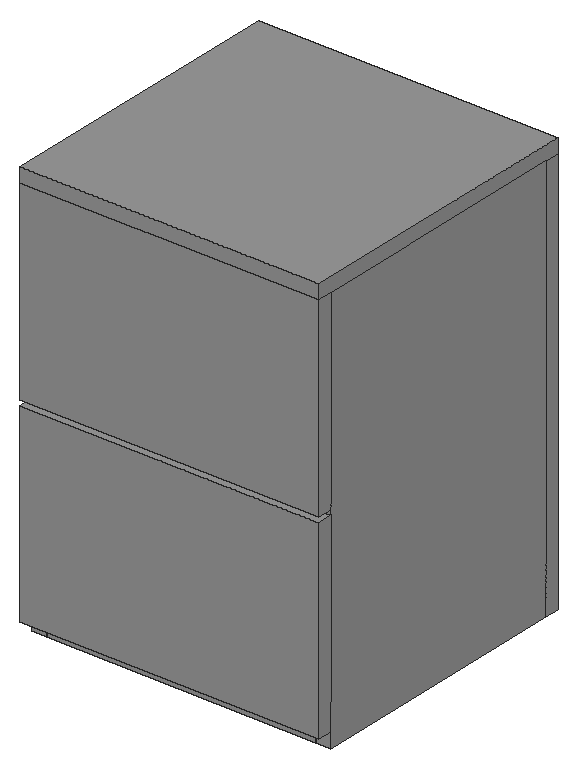
Revit family "MBS_closet with drawer", category Generic Models, Revit 2014
Parameters (values of type "kitchen closet cookers")
  top thickness = 30 mm
  top material = Roofing, EPDM Membrane COOKERS MBS
  panel thickness = 30 mm
  closet material = Walnut CLOSET KICTHEN MBS
  c_top widht = 600 mm
  c_top depht = 600 mm
  c_drawer side widht = c_clos bas pan depht  # 540 mm
  c_drawer front widht = c_clos bas pan widht + 2 * panel thickness  # 600 mm
  c_drawer front height = 390 mm
  c_draw side height = 360 mm
  c_draw bott widht = c_clos bas pan widht - 2 * panel thickness  # 480 mm
  c_darw bott depht = c_clos bas pan depht  # 540 mm
  c_clos side panel depht = c_clos bas pan depht  # 540 mm
  c_clos side pan height = 820 mm
  c_clos bas pan widht = 540 mm
  c_clos bas pan depht = 540 mm
  c_clos back pan widht = c_clos bas pan widht + 2 * panel thickness  # 600 mm
  c_clos back pan height = c_clos side pan height  # 820 mm
Types (5, lengths in mm): name | top thickness | top material | closet material | c_top widht | c_top depht | c_drawer side widht | c_drawer front widht | c_draw bott widht | c_darw bott depht | c_clos side panel depht | c_clos bas pan widht | c_clos bas pan depht | c_clos back pan widht
  (no name) | 30 | Roofing, EPDM Membrane COOKERS MBS | Walnut CLOSET KICTHEN MBS | 600 | 600 | 540 | 600 | 480 | 540 | 540 | 540 | 540 | 600
  bathroom closet | 50 | Granite, Cut, Polished CLOSET TOP MBS | Oak, White BATHROOM CLOSET MBS | 700 | 550 | 490 | 700 | 580 | 490 | 490 | 640 | 490 | 700
  kitchen closet | 30 | Granite, Cut, Polished CLOSET TOP MBS | Walnut CLOSET KICTHEN MBS | 600 | 600 | 540 | 600 | 480 | 540 | 540 | 540 | 540 | 600
  kichen closet for stool | 30 | Granite, Cut, Polished CLOSET TOP MBS | Walnut CLOSET KICTHEN MBS | 600 | 900 | 540 | 600 | 480 | 540 | 540 | 540 | 540 | 600
  kitchen closet cookers | 30 | Roofing, EPDM Membrane COOKERS MBS | Walnut CLOSET KICTHEN MBS | 600 | 600 | 540 | 600 | 480 | 540 | 540 | 540 | 540 | 600
Reference planes
  plane 1 "Center (Front/Back)": y = 0
  plane 2: z = 0
  plane 3 "Center (Left/Right)": x = 0
  plane 4: y = 372.203
  plane 5: x = 297.839
  plane 6: y = -167.797
  plane 7: x = -242.161
  plane 8: x = -342.161
  plane 9: y = 372.203
  plane 10: y = -167.797
  plane 11: z = 0
  plane 12: z = 820
  plane 13: x = 297.839
  plane 14: x = 297.839
  plane 15: x = 297.839
  plane 16: x = 297.839
  plane 17: x = 297.839
  plane 18: x = 297.839
  plane 19: z = 0
  plane 20: y = 372.203
  plane 21: y = -167.797
  plane 22: z = 820
  plane 23: x = 297.839
  plane 24: x = 297.839
  plane 25: z = 790
  plane 26: y = 372.203
  plane 27: y = -167.797
  plane 28: x = 297.839
  plane 29: x = -242.161
  plane 30: y = 372.203
  plane 31: z = 0
  plane 32: z = 820
  plane 33: x = 327.839
  plane 34: x = -272.161
  plane 35: z = 30
  plane 36: y = 372.203
  plane 37: y = -167.797
  plane 38: z = 390
  plane 39: z = 430
  plane 40: y = 372.203
  plane 41: y = -167.797
  plane 42: z = 790
  plane 43: z = 30
  plane 44: y = 372.203
  plane 45: y = -167.797
  plane 46: z = 390
  plane 47: z = 430
  plane 48: y = 372.203
  plane 49: y = -167.797
  plane 50: z = 790
  plane 51: y = -117.797
  plane 52: z = 820
  plane 53: x = 327.839
  plane 54: z = 430
  plane 55: x = -272.161
  plane 56: z = 420
  plane 57: x = 327.839
  plane 58: z = 30
  plane 59: x = -272.161
  plane 60: z = 30
  plane 61: z = 430
  plane 62: y = 372.203
  plane 63: y = -167.797
  plane 64: x = 267.839
  plane 65: x = -212.161
  plane 66: z = 431.881
  plane 67: y = 372.203
  plane 68: y = -167.797
  plane 69: x = 267.839
  plane 70: x = -212.161
  plane 71: z = 820
  plane 72: y = 402.203
  plane 73: y = -197.797
  plane 74: x = 327.839
  plane 75: x = -272.161
Forms (mm)
  Extrusion 1, solid, material "Walnut CLOSET KICTHEN MBS" <- "closet material"
    sketch origin (0, 0, 0) x (1, 0, 0) y (0, 1, 0)
      loop
        line (-242.161, 372.203) -> (-242.161, -167.797) -> (297.839, -167.797) -> (297.839, 372.203) -> (-242.161, 372.203)
    from 0 to 30
  Extrusion 2, solid, material "Walnut CLOSET KICTHEN MBS" <- "closet material"
    sketch origin (-342.161, 1632.235, 732.603) x (0, 0, 1) y (0, 1, 0)
      loop
        line (-732.603, -1260.032) -> (-732.603, -1800.032) -> (87.397, -1800.032) -> (87.397, -1260.032) -> (-732.603, -1260.032)
    from -100 to -70
  Extrusion 3, solid, material "Walnut CLOSET KICTHEN MBS" <- "closet material"
    sketch origin (297.839, 1758.237, -180.672) x (0, 0, -1) y (0, 1, 0)
      loop
        line (-1000.672, -1386.034) -> (-1000.672, -1926.034) -> (-180.672, -1926.034) -> (-180.672, -1386.034) -> (-1000.672, -1386.034)
    from 0 to 30
  Extrusion 4, solid, material "Walnut CLOSET KICTHEN MBS" <- "closet material"
    sketch origin (151.285, 1715.895, 790) x (1, 0, 0) y (0, 1, 0)
      loop
        line (146.554, -1883.692) -> (146.554, -1343.692) -> (-393.446, -1343.692) -> (-393.446, -1883.692) -> (146.554, -1883.692)
    from 0 to 30
  Extrusion 5, solid, material "Walnut CLOSET KICTHEN MBS" <- "closet material"
    sketch origin (30, 372.203, -485.587) x (0, 0, -1) y (-1, 0, 0)
      loop
        line (-1305.587, -297.839) -> (-485.587, -297.839) -> (-485.587, 302.161) -> (-1305.587, 302.161) -> (-1305.587, -297.839)
    from 0 to 30
  Extrusion 6, solid, material "Walnut CLOSET KICTHEN MBS" <- "closet material"
    sketch origin (297.839, -87.929, -503.029) x (0, 0, -1) y (0, -1, 0)
      loop
        line (-893.029, -460.132) -> (-533.029, -460.132) -> (-533.029, 79.868) -> (-893.029, 79.868) -> (-893.029, -460.132)
    from 0 to 30
  Extrusion 7, solid, material "Walnut CLOSET KICTHEN MBS" <- "closet material"
    sketch origin (297.839, -87.929, -103.029) x (0, 0, -1) y (0, -1, 0)
      loop
        line (-893.029, -460.132) -> (-533.029, -460.132) -> (-533.029, 79.868) -> (-893.029, 79.868) -> (-893.029, -460.132)
    from 0 to 30
  Extrusion 8, solid, material "Walnut CLOSET KICTHEN MBS" <- "closet material"
    sketch origin (-342.161, -87.929, -503.029) x (0, 0, -1) y (0, 1, 0)
      loop
        line (-893.029, 460.132) -> (-893.029, -79.868) -> (-533.029, -79.868) -> (-533.029, 460.132) -> (-893.029, 460.132)
    from 100 to 130
  Extrusion 9, solid, material "Walnut CLOSET KICTHEN MBS" <- "closet material"
    sketch origin (-342.161, -87.929, -103.029) x (0, 0, -1) y (0, 1, 0)
      loop
        line (-893.029, 460.132) -> (-893.029, -79.868) -> (-533.029, -79.868) -> (-533.029, 460.132) -> (-893.029, 460.132)
    from 100 to 130
  Extrusion 10, solid, material "Walnut CLOSET KICTHEN MBS" <- "closet material"
    sketch origin (-605.851, -117.797, 690.299) x (0, 0, 1) y (-1, 0, 0)
      loop
        line (-260.299, -933.69) -> (129.701, -933.69) -> (129.701, -333.69) -> (-260.299, -333.69) -> (-260.299, -933.69)
    from 50 to 80
  Extrusion 11, solid, material "Walnut CLOSET KICTHEN MBS" <- "closet material"
    sketch origin (-605.851, -117.797, 290.299) x (0, 0, 1) y (-1, 0, 0)
      loop
        line (-260.299, -933.69) -> (129.701, -933.69) -> (129.701, -333.69) -> (-260.299, -333.69) -> (-260.299, -933.69)
    from 50 to 80
  Extrusion 12, solid, material "Walnut CLOSET KICTHEN MBS" <- "closet material"
    sketch origin (-492.738, 2031.941, 30) x (-1, 0, 0) y (0, -1, 0)
      loop
        line (-760.577, 2199.738) -> (-760.577, 1659.738) -> (-280.577, 1659.738) -> (-280.577, 2199.738) -> (-760.577, 2199.738)
    from 0 to 30
  Extrusion 13, solid, material "Walnut CLOSET KICTHEN MBS" <- "closet material"
    sketch origin (-492.738, 2031.941, 431.881) x (-1, 0, 0) y (0, -1, 0)
      loop
        line (-760.577, 2199.738) -> (-760.577, 1659.738) -> (-280.577, 1659.738) -> (-280.577, 2199.738) -> (-760.577, 2199.738)
    from 0 to 30
  Extrusion 14, solid, material "Roofing, EPDM Membrane COOKERS MBS" <- "top material"
    sketch origin (-331.225, 1603.244, 820) x (1, 0, 0) y (0, 1, 0)
      loop
        line (59.064, -1801.04) -> (659.064, -1801.04) -> (659.064, -1201.04) -> (59.064, -1201.04) -> (59.064, -1801.04)
    from 0 to 30
Dimensions and locks
  "c_clos bas pan widht": plane 7 to plane 5
  "c_clos bas pan depht": plane 6 to plane 4
  "c_clos side panel depht": plane 9 to plane 10
  "c_clos side pan height": plane 11 to plane 12
  "c_clos side pan height": plane 22 to plane 19
  "c_clos side panel depht": plane 20 to plane 21
  "c_clos bas pan depht": plane 26 to plane 27
  "c_clos bas pan widht": plane 28 to plane 29
  "c_clos back pan height": plane 31 to plane 32
  "c_clos back pan widht": plane 33 to plane 34
  "panel thickness": Extrusion 2 to Extrusion 2
  "panel thickness": Extrusion 4 to Extrusion 4
  "panel thickness": Extrusion 3 to Extrusion 3
  "panel thickness": Extrusion 1 to Extrusion 1
  "panel thickness": Extrusion 5 to Extrusion 5
  "c_draw side height": plane 35 to plane 38
  "c_drawer side widht": plane 37 to plane 36
  "panel thickness": Extrusion 6 to Extrusion 6
  "c_draw side height": plane 39 to plane 42
  "c_drawer side widht": plane 41 to plane 40
  "panel thickness": Extrusion 7 to Extrusion 7
  "c_draw side height": plane 43 to plane 46
  "c_drawer side widht": plane 45 to plane 44
  "panel thickness": Extrusion 8 to Extrusion 8
  "c_draw side height": plane 47 to plane 50
  "c_drawer side widht": plane 49 to plane 48
  "panel thickness": Extrusion 9 to Extrusion 9
  "c_drawer front widht": plane 55 to plane 53
  "c_drawer front height": plane 54 to plane 52
  "panel thickness": Extrusion 10 to Extrusion 10
  "c_drawer front widht": plane 59 to plane 57
  "c_drawer front height": plane 58 to plane 56
  "panel thickness": Extrusion 11 to Extrusion 11
  "c_draw bott widht": plane 64 to plane 65
  "c_darw bott depht": plane 62 to plane 63
  "c_draw bott widht": plane 69 to plane 70
  "c_darw bott depht": plane 67 to plane 68
  "panel thickness": Extrusion 12 to Extrusion 12
  "panel thickness": Extrusion 13 to Extrusion 13
  "c_top depht": plane 73 to plane 72
  "c_top widht": plane 75 to plane 74
  "panel thickness": Extrusion 14 to Extrusion 14
  aligned and locked: level to plane 2
  aligned and locked: plane 4 to Extrusion 1 sketch curve
  aligned and locked: plane 5 to Extrusion 1 sketch curve
  aligned and locked: plane 6 to Extrusion 1 sketch curve
  aligned and locked: plane 7 to Extrusion 1 sketch curve
  aligned and locked: plane 9 to Extrusion 2 sketch curve
  aligned and locked: plane 10 to Extrusion 2 sketch curve
  aligned and locked: plane 11 to Extrusion 2 sketch curve
  aligned and locked: plane 12 to Extrusion 2 sketch curve
  aligned and locked: plane 19 to Extrusion 3 sketch curve
  aligned and locked: plane 20 to Extrusion 3 sketch curve
  aligned and locked: plane 22 to Extrusion 3 sketch curve
  aligned and locked: plane 21 to Extrusion 3 sketch curve
  aligned and locked: plane 26 to Extrusion 4 sketch curve
  aligned and locked: plane 28 to Extrusion 4 sketch curve
  aligned and locked: plane 29 to Extrusion 4 sketch curve
  aligned and locked: plane 27 to Extrusion 4 sketch curve
  aligned and locked: plane 31 to Extrusion 5 sketch curve
  aligned and locked: plane 32 to Extrusion 5 sketch curve
  aligned and locked: plane 33 to Extrusion 5 sketch curve
  aligned and locked: plane 34 to Extrusion 5 sketch curve
  aligned and locked: Extrusion 2 to Extrusion 1
  aligned and locked: Extrusion 6 sketch curve to plane 35
  aligned and locked: Extrusion 6 sketch curve to plane 36
  aligned and locked: Extrusion 6 sketch curve to plane 37
  aligned and locked: Extrusion 6 sketch curve to plane 38
  aligned and locked: Extrusion 7 sketch curve to plane 39
  aligned and locked: Extrusion 7 sketch curve to plane 40
  aligned and locked: Extrusion 7 sketch curve to plane 41
  aligned and locked: Extrusion 7 sketch curve to plane 42
  aligned and locked: Extrusion 8 sketch curve to plane 43
  aligned and locked: plane 44 to Extrusion 8 sketch curve
  aligned and locked: plane 45 to Extrusion 8 sketch curve
  aligned and locked: plane 46 to Extrusion 8 sketch curve
  aligned and locked: Extrusion 9 sketch curve to plane 47
  aligned and locked: plane 48 to Extrusion 9 sketch curve
  aligned and locked: plane 49 to Extrusion 9 sketch curve
  aligned and locked: plane 50 to Extrusion 9 sketch curve
  aligned and locked: Extrusion 10 sketch curve to plane 52
  aligned and locked: Extrusion 10 sketch curve to plane 53
  aligned and locked: plane 54 to Extrusion 10 sketch curve
  aligned and locked: plane 55 to Extrusion 10 sketch curve
  aligned and locked: Extrusion 11 sketch curve to plane 56
  aligned and locked: Extrusion 11 sketch curve to plane 57
  aligned and locked: plane 58 to Extrusion 11 sketch curve
  aligned and locked: plane 59 to Extrusion 11 sketch curve
  aligned and locked: Extrusion 9 to Extrusion 2
  aligned and locked: Extrusion 8 to Extrusion 2
  aligned and locked: Extrusion 12 sketch curve to plane 62
  aligned and locked: Extrusion 12 sketch curve to plane 63
  aligned and locked: plane 65 to Extrusion 12 sketch curve
  aligned and locked: Extrusion 12 sketch curve to plane 64
  aligned and locked: Extrusion 13 sketch curve to plane 67
  aligned and locked: Extrusion 13 sketch curve to plane 68
  aligned and locked: plane 70 to Extrusion 13 sketch curve
  aligned and locked: Extrusion 13 sketch curve to plane 69
  aligned and locked: Extrusion 11 to Extrusion 3
  aligned and locked: Extrusion 10 to Extrusion 3
  aligned and locked: plane 72 to Extrusion 14 sketch curve
  aligned and locked: plane 73 to Extrusion 14 sketch curve
  aligned and locked: plane 74 to Extrusion 14 sketch curve
  aligned and locked: plane 75 to Extrusion 14 sketch curve
